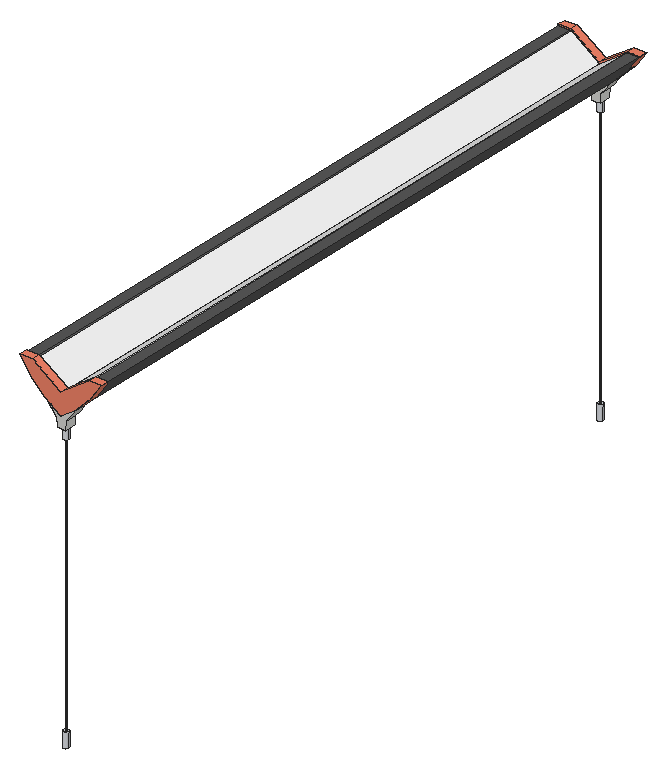
Revit family "TORR.5-P-DI", category Lighting Fixtures, host Face, Revit 2018
Family settings
  Host = Face
  Round Connector Dimension = Use Diameter
  Part Type = Normal
  Cut with Voids When Loaded = No
  Light Source = Yes
  Shared = Yes
  Room Calculation Point = Yes
Parameters (values of type "4' Direct/ Indirect")
  Wattage = 35.8824 W
  built-in parameter 1150110 = 1 (stored number, unit not read)
  Voltage = 0 V
  Type Comments = "LUX ILLUMINAIRE"
  built-in parameter 1114217 = 1 (stored number, unit not read)
  Tilt Angle = 90.00°
  built-in parameter 1150109 = 1 (stored number, unit not read)
  built-in parameter 1150134 = 12
  Switch Leg Visibility = no
  Switch Leg [instance] = ""
  Suspension Length [instance] = 2' - 0"
  built-in parameter 1150113 = 1 (stored number, unit not read)
  Photometric Web File = "TORR.5_P_DI_30-70_763_40K8.ies"
  Material - End Cap [instance] = LUX ILLUMINAIRE Orange
  Material - Cleat [instance] = LUX ILLUMINAIRE Silver
  Material - Body [instance] = LUX ILLUMINAIRE Black
  Manufacturer = ""
  built-in parameter 1150105 = 242.71 (stored number, unit not read)
  Lumens = 3050 lm
  built-in parameter 1150115 = 1 (stored number, unit not read)
  built-in parameter 1150137 = (empty or 0)
  built-in parameter 1150139 = (empty or 0)
  built-in parameter 1150112 = 1 (stored number, unit not read)
  built-in parameter 1150114 = 1 (stored number, unit not read)
  Lamp = "LED"
  built-in parameter 1150132 = 2
  built-in parameter 1150102 = (empty or 0)
  built-in parameter 1150107 = 4000 (stored number, unit not read)
  built-in parameter 1150138 = (empty or 0)
  Indirect Light Source = Fixture Length - 0' 4"  # 3' - 8"
  built-in parameter 1150106 = 2.4271 (stored number, unit not read)
  Fixture Width = 0' - 5 143/256"  # constant formula
  Fixture Symbol Visiblity = yes
  Fixture Length = 4' - 0"
  Emit from Rectangle Width = 0' - 2 1/2"  # constant formula
  Emit from Rectangle Length = Fixture Length  # 4' - 0"
  Emit Shape Visible in Rendering = no
  Emergency Lighting [instance] = no
  built-in parameter 1150104 = 7.8968 (stored number, unit not read)
  Dimming Lamp Color Temperature Shift = <None>
  Default Elevation = 4' - 0"
  Color Filter = 16777215
  built-in parameter 1140040 [instance] = 1
  built-in parameter 1114218 = 1 (stored number, unit not read)
  built-in parameter 1150133 = 10 (stored number, unit not read)
  Apparent Load = 27 VA
Types (3): name | Wattage | Type Comments | Manufacturer | built-in parameter 1150105 | Lumens | Indirect Light Source | built-in parameter 1150106 | Fixture Length | Emit from Rectangle Length | Apparent Load
  4' Direct/ Indirect | 35.8824 W | "LUX ILLUMINAIRE" | "" | 242.71 (stored number, unit not read) | 3050 lm | 3' - 8" | 2.4271 (stored number, unit not read) | 4' - 0" | 4' - 0" | 27 VA
  6' Direct/ Indirect | 53.8588 W | 0' - 0" | "LUX ILLUMINAIRE" | 364.31 (stored number, unit not read) | 4578 lm | 5' - 8" | 3.6431 (stored number, unit not read) | 6' - 0" | 6' - 0" | 40.5 VA
  8' Direct/ Indirect | 71.8118 W | 0' - 0" | "LUX ILLUMINAIRE" | 485.74 (stored number, unit not read) | 6104 lm | 7' - 8" | 4.8574 (stored number, unit not read) | 8' - 0" | 8' - 0" | 54 VA
Reference planes (in)
  plane 1 "Center (Front/Back)": y = 0
  plane 2: z = 0
  plane 3 "Center (Left/Right)": x = 0
  plane 4: x = 2.7793
  plane 5: x = -2.7793
  plane 6: y = 24
  plane 7: y = -24
  plane 8: z = 24
  plane 9: y = 24.25
  plane 10: y = -24.25
  plane 11: z = 1
  plane 12: z = 20.30782
  plane 13: z = 19.55782
Forms (in)
  Extrusion 1, solid
    sketch origin (0, 0.375, 0) x (1, 0, 0) y (0, 1, 0)
      loop
        circle (0.00029, -24) r 0.1875
    from 0 to 1
  Extrusion 2, solid
    sketch origin (0, 0.375, 0) x (1, 0, 0) y (0, 1, 0)
      loop
        circle (0.0005, -24) r 0.03125
    from 1 to 19.55782
  Extrusion 3, solid
    sketch origin (0, 0.375, 0) x (1, 0, 0) y (0, 1, 0)
      loop
        circle (0.0005, -24) r 0.18729
    from 19.55782 to 20.30782
  Extrusion 4, solid, not visible
    sketch origin (0, 0, 0) x (1, 0, 0) y (0, 1, 0)
      loop
        circle (0.00029, -24) r 0.1875
    from 0 to 1
  Extrusion 5, solid, not visible
    sketch origin (0, 0, 0) x (1, 0, 0) y (0, 1, 0)
      loop
        circle (0.0005, -24) r 0.03125
    from 1 to 13.33203
  Extrusion 6, solid, not visible
    sketch origin (0, 0, 0) x (1, 0, 0) y (0, 1, 0)
      loop
        circle (0.0005, -24) r 0.18729
    from 13.33203 to 14.08203
  Extrusion 7, solid
    sketch origin (0, -0.375, 0) x (1, 0, 0) y (0, 1, 0)
      loop
        circle (0.00029, 24) r 0.1875
    from 0 to 1
  Extrusion 8, solid
    sketch origin (0, -0.375, 0) x (1, 0, 0) y (0, 1, 0)
      loop
        circle (0.0005, 24) r 0.03125
    from 1 to 19.55782
  Extrusion 9, solid
    sketch origin (0, -0.375, 0) x (1, 0, 0) y (0, 1, 0)
      loop
        circle (0.0005, 24) r 0.18729
    from 19.55782 to 20.30782
Lines and regions (in)
  symbolic lines, visible <- "Fixture Symbol Visiblity"
    curve 1: line (-2.7793, 24, 0) -> (2.7793, 24, 0)
    curve 2: line (-2.7793, -24, 0) -> (-2.7793, 24, 0)
    curve 3: line (2.7793, -24, 0) -> (-2.7793, -24, 0)
    curve 4: line (2.7793, 24, 0) -> (2.7793, -24, 0)
Dimensions and locks (in)
  plane 5 to plane 4 = 0' - 5 143/256"
  equal spacing: plane 7, plane 1 "Center (Front/Back)", plane 6
  "Fixture Length": plane 7 to plane 6
  plane 8 to host face = 2' - 0"
  locked: plane 6 to plane 9 at 0.25
  locked: plane 10 to plane 7 at 0.25
  "Suspension Length": plane 8 to level
  "Fixture Width": plane 4 to plane 5
  equal spacing: plane 4, plane 3 "Center (Left/Right)", plane 5
  locked: nested 2 to plane 10 at 9.5
  locked: plane 8 to imposter light at 0.125
  plane 8 to plane 12 to plane 13 = 0' - 3.69218", 0' - 0 3/4" locked
  plane 6 to plane 1 "Center (Front/Back)" to plane 7 = 2' - 0", 2' - 0"
  plane 6 to plane 7 = 4' - 0"
  nested 1 to curve 1 = 4' - 0"
  locked: plane 12 to nested 4 at 0.75387
  aligned and locked: plane 2 to host face
  aligned and locked: level to host face
  aligned and locked: plane 12 to Extrusion 9
  aligned and locked: Extrusion 9 to plane 13
  aligned and locked: plane 13 to Extrusion 8
  aligned and locked: plane 12 to Extrusion 3
  aligned and locked: Extrusion 3 to plane 13
  aligned and locked: plane 13 to Extrusion 2
  aligned and locked: plane 7 to nested 1
  aligned and locked: plane 6 to curve 1
  aligned and locked: plane 5 to curve 2
  aligned and locked: curve 3 to plane 7
  aligned and locked: curve 4 to plane 4
  aligned and locked: nested 1 to plane 6
  aligned and locked: plane 12 to nested 3
Automatic sketch dimensions
  host sketch curve to host sketch curve = 8' - 0"  (x2)
  Extrusion 1 sketch curve to plane 7 = 0' - 0 3/8"
  plane 3 "Center (Left/Right)" to Extrusion 1 sketch curve = 0' - 0.00029"
  Extrusion 2 sketch curve to plane 7 = 0' - 0 3/8"
  plane 3 "Center (Left/Right)" to Extrusion 2 sketch curve = 0' - 0.0005"
  Extrusion 3 sketch curve to plane 7 = 0' - 0 3/8"
  plane 3 "Center (Left/Right)" to Extrusion 3 sketch curve = 0' - 0.0005"
  plane 6 to Extrusion 7 sketch curve = 0' - 0 3/8"
  plane 3 "Center (Left/Right)" to Extrusion 7 sketch curve = 0' - 0.00029"
  plane 6 to Extrusion 8 sketch curve = 0' - 0 3/8"
  plane 3 "Center (Left/Right)" to Extrusion 8 sketch curve = 0' - 0.0005"
  plane 6 to Extrusion 9 sketch curve = 0' - 0 3/8"
  plane 3 "Center (Left/Right)" to Extrusion 9 sketch curve = 0' - 0.0005"
  radius of Extrusion 1 sketch curve = 0' - 0 3/16"
  radius of Extrusion 2 sketch curve = 0' - 0 1/32"
  radius of Extrusion 3 sketch curve = 0' - 0.18729"
  radius of Extrusion 4 sketch curve = 0' - 0 3/16"
  radius of Extrusion 5 sketch curve = 0' - 0 1/32"
  radius of Extrusion 6 sketch curve = 0' - 0.18729"
  radius of Extrusion 7 sketch curve = 0' - 0 3/16"
  radius of Extrusion 8 sketch curve = 0' - 0 1/32"
  radius of Extrusion 9 sketch curve = 0' - 0.18729"
Nested families (in)
  nested 1: "Emergency Symbol Rectangle" at (-12.44426, 0, 0) x (0, 1, 0) z (0, 0, 1), visible <- "Emergency Lighting", type "Emergency Symbol Rectangle"
    with Width 1' - 2.94711", Length 4' - 0"
  nested 2: "Switch Leg Annotation" at (9.99627, -14.75, 0) x (0, 1, 0) z (0, 0, 1), visible <- "Switch Leg Visibility", Switch Leg Annotation <- "Switch Leg", type "Switch Leg Annotation"
    with Switch Leg Annotation ""
  nested 3: "4INDV" at (0, 0, 20.30782), Material - Body <- "Material - Body", Material - Cleat <- "Material - Cleat", Material - End Cap <- "Material - End Cap", type "4INDV"
    with Material - End Cap LUX ILLUMINAIRE Orange, Material - Cleat LUX ILLUMINAIRE Silver, Material - Body LUX ILLUMINAIRE Black
  nested 4: "Indirect Light Source 2" at (-8.60801, 0, -32.9383) x (0, 1, 0) z (0, 0, 1), type "Indirect Light Source 2"
Connectors (in)
  electrical at (0.00029, 23.625, 0), driven by "Apparent Load", driven by "Voltage"
    settings: on Extrusion 7, index 1, voltage 0 V, apparent load 0 VA, apparent load phase1 27 VA, apparent load phase2 0 VA, apparent load phase3 0 VA, power factor 1, load classification "Other", number of poles 1, system type 31, power factor state 1, is connector primary yes, connector utility no, sub classification motor no, connector description ""
Definition of nested family "4INDV"
  Parameters (values of type "4INDV")
    Material - End Cap [instance] = none
    Material - Cleat [instance] = none
    Material - Body [instance] = none
    Fixture Length = 4' - 0"
  Reference planes (in)
    plane 1 "Center (Front/Back)": y = 0
    plane 2: z = 0
    plane 3 "Center (Left/Right)": x = 0
    plane 4: y = 24
    plane 5: y = -24
    plane 6: y = 24.0625
    plane 7: y = 23.5
    plane 8: y = 23.25
    plane 9: y = -24.0625
    plane 10: y = -23.5
    plane 11: y = -23.25
  Forms (in)
    Extrusion 1, solid, material <- "Material - Body"
      sketch origin (0, 0, 3.69218) x (1, 0, 0) y (0, 0, -1)
        loop
          line (0, 1.48425) -> (2.0429, 0) -> (2.86012, 0)
          arc (2.86012, 0) -> (1.60326, 1.60326) -> (0, 2.86012) r 8.47154
          arc (0, 2.86012) -> (-1.60326, 1.60326) -> (-2.86012, 0) r 8.47154
          line (-2.86012, 0) -> (-2.0429, 0) -> (0, 1.48425)
      from -24 to 24
    Extrusion 2, solid, material <- "Material - Cleat"
      sketch origin (0, 0, 3.69218) x (1, 0, 0) y (0, 0, -1)
        loop
          line (0, 2.86012) -> (1.03453, 2.12987)
          arc (1.03453, 2.12987) -> (0.72969, 2.63295) -> (0.33544, 3.06953) r 3.1056
          line (0.33544, 3.06953) -> (0.3137, 3.69218) -> (0, 3.69218) -> (-0.3137, 3.69218) -> (-0.33544, 3.06953)
          arc (-0.33544, 3.06953) -> (-0.72969, 2.63295) -> (-1.03453, 2.12987) r 3.1056
          line (-1.03453, 2.12987) -> (0, 2.86012)
      from -24 to -23.25
    Extrusion 3, solid, material <- "Material - Cleat"
      sketch origin (0, 0, 3.69218) x (1, 0, 0) y (0, 0, -1)
        loop
          arc (-0.33544, 3.06953) -> (-0.72969, 2.63295) -> (-1.03453, 2.12987) r 3.1056
          line (-1.03453, 2.12987) -> (0, 2.86012) -> (1.03453, 2.12987)
          arc (1.03453, 2.12987) -> (0.72969, 2.63295) -> (0.33544, 3.06953) r 3.1056
          line (0.33544, 3.06953) -> (0.3137, 3.69218) -> (0, 3.69218) -> (-0.3137, 3.69218) -> (-0.33544, 3.06953)
      from 23.25 to 24
    Extrusion 4, solid, material <- "Material - End Cap"
      sketch origin (0, 0, 3.69218) x (1, 0, 0) y (0, 0, -1)
        loop
          line (2.02282, -0.0625) -> (2.90699, -0.0625)
          arc (2.90699, -0.0625) -> (1.64661, 1.58411) -> (0, 2.84449) r 7.87218
          arc (0, 2.84449) -> (-1.64661, 1.58411) -> (-2.90699, -0.0625) r 7.87218
          line (-2.90699, -0.0625) -> (-2.02282, -0.0625)
          arc (-2.02282, -0.0625) -> (-1.04666, 0.67197) -> (0, 1.30191) r 11.83569
          arc (0, 1.30191) -> (1.04666, 0.67197) -> (2.02282, -0.0625) r 11.83569
      from -24.0625 to -23.5
    Extrusion 5, solid, material <- "Material - End Cap"
      sketch origin (0, 0, 3.69218) x (1, 0, 0) y (0, 0, 1)
        loop
          arc (2.02282, 0.0625) -> (1.04666, -0.67197) -> (0, -1.30191) r 11.83569
          arc (0, -1.30191) -> (-1.04666, -0.67197) -> (-2.02282, 0.0625) r 11.83569
          line (-2.02282, 0.0625) -> (-2.90699, 0.0625)
          arc (-2.90699, 0.0625) -> (-1.64661, -1.58411) -> (0, -2.84449) r 7.87218
          arc (0, -2.84449) -> (1.64661, -1.58411) -> (2.90699, 0.0625) r 7.87218
          line (2.90699, 0.0625) -> (2.02282, 0.0625)
      from -24.0625 to -23.5
    Extrusion 6, solid
      sketch origin (0, 0, 0) x (1, 0, 0) y (0, 0, 1)
        loop
          line (-1.94739, 3.64129) -> (0, 2.26217) -> (1.94739, 3.64129) -> (1.94739, 3.67238) -> (0, 2.29326) -> (-1.94739, 3.67238) -> (-1.94739, 3.64129)
      from -23.5 to 23.5
  Dimensions and locks (in)
    equal spacing: plane 4, plane 1 "Center (Front/Back)", plane 5
    "Fixture Length": plane 4 to plane 5
    plane 6 to plane 4 to plane 7 = 0' - 0 1/16" locked, 0' - 0 1/2" locked
    locked: plane 4 to plane 8 at 0.75
    plane 10 to plane 5 to plane 9 = 0' - 0 1/2" locked, 0' - 0 1/16" locked
    locked: plane 11 to plane 5 at 0.75
    aligned and locked: level to plane 2
    aligned and locked: Extrusion 1 to plane 5
    aligned and locked: plane 4 to Extrusion 1
    aligned and locked: plane 6 to Extrusion 5
    aligned and locked: plane 7 to Extrusion 5
    aligned and locked: plane 4 to Extrusion 3
    aligned and locked: plane 8 to Extrusion 3
    aligned and locked: plane 9 to Extrusion 4
    aligned and locked: plane 10 to Extrusion 4
    aligned and locked: plane 11 to Extrusion 2
    aligned and locked: Extrusion 2 to plane 5
    aligned and locked: plane 7 to Extrusion 6
    aligned and locked: Extrusion 6 to plane 10
  Automatic sketch dimensions
    Extrusion 3 sketch curve to level = 0' - 0"
    Extrusion 3 sketch curve to plane 3 "Center (Left/Right)" = 0' - 0"  (x2)
    Extrusion 3 sketch curve to plane 3 "Center (Left/Right)" = 0' - 0.3137"
    Extrusion 3 sketch curve to plane 3 "Center (Left/Right)" = 0' - 0.33544"
    Extrusion 3 sketch curve to Extrusion 3 sketch curve = 0' - 0.3137"
    plane 3 "Center (Left/Right)" to Extrusion 3 sketch curve = 0' - 0.33544"
    level to Extrusion 3 sketch curve = 0' - 0.62265"
    Extrusion 4 sketch curve to plane 3 "Center (Left/Right)" = 0' - 0"  (x2)
    Extrusion 4 sketch curve to plane 3 "Center (Left/Right)" = 0' - 2.02282"
    Extrusion 4 sketch curve to Extrusion 4 sketch curve = 0' - 0.88417"  (x2)
    Extrusion 4 sketch curve to plane 3 "Center (Left/Right)" = 0' - 3.91986"
    Extrusion 4 sketch curve to Extrusion 4 sketch curve = 0' - 1.65191"  (x2)
    plane 3 "Center (Left/Right)" to Extrusion 4 sketch curve = 0' - 3.91986"
    level to Extrusion 4 sketch curve = 1' - 0.83243"
    Extrusion 4 sketch curve to Extrusion 4 sketch curve = 0' - 0"
    Extrusion 4 sketch curve to Extrusion 4 sketch curve = 0' - 5.1579"
    level to Extrusion 4 sketch curve = 0' - 3.75468"
    plane 3 "Center (Left/Right)" to Extrusion 4 sketch curve = 0' - 2.02282"
    Extrusion 5 sketch curve to plane 3 "Center (Left/Right)" = 0' - 0"  (x2)
    Extrusion 5 sketch curve to plane 3 "Center (Left/Right)" = 0' - 2.02282"
    Extrusion 5 sketch curve to Extrusion 5 sketch curve = 0' - 0.88417"  (x2)
    Extrusion 5 sketch curve to plane 3 "Center (Left/Right)" = 0' - 3.91986"
    Extrusion 5 sketch curve to Extrusion 5 sketch curve = 0' - 1.65191"  (x2)
    plane 3 "Center (Left/Right)" to Extrusion 5 sketch curve = 0' - 2.02282"
    plane 3 "Center (Left/Right)" to Extrusion 5 sketch curve = 0' - 3.91986"
    level to Extrusion 5 sketch curve = 0' - 3.75468"  (x2)
    Extrusion 5 sketch curve to Extrusion 5 sketch curve = 0' - 3.91986"
    Extrusion 5 sketch curve to Extrusion 5 sketch curve = 0' - 5.1579"
    Extrusion 1 sketch curve to plane 3 "Center (Left/Right)" = 0' - 0"  (x2)
    Extrusion 1 sketch curve to plane 3 "Center (Left/Right)" = 0' - 2.0429"
    Extrusion 1 sketch curve to Extrusion 1 sketch curve = 0' - 0.81722"  (x2)
    Extrusion 1 sketch curve to plane 3 "Center (Left/Right)" = 0' - 4.38702"
    plane 3 "Center (Left/Right)" to Extrusion 1 sketch curve = 0' - 2.0429"
    plane 3 "Center (Left/Right)" to Extrusion 1 sketch curve = 0' - 4.38702"
    level to Extrusion 1 sketch curve = 0' - 8.0792"  (x2)
    Extrusion 1 sketch curve to Extrusion 1 sketch curve = 0' - 1.37587"
    level to Extrusion 1 sketch curve = 0' - 3.69218"
    Extrusion 6 sketch curve to plane 3 "Center (Left/Right)" = 0' - 0"  (x2)
    Extrusion 6 sketch curve to plane 3 "Center (Left/Right)" = 0' - 1.94739"
    plane 3 "Center (Left/Right)" to Extrusion 6 sketch curve = 0' - 1.94739"
    level to Extrusion 6 sketch curve = 0' - 2.26217"
    Extrusion 6 sketch curve to Extrusion 6 sketch curve = 0' - 0.03109"  (x3)
    Extrusion 6 sketch curve to Extrusion 6 sketch curve = 0' - 1.34803"
    Extrusion 6 sketch curve to Extrusion 6 sketch curve = 0' - 1.37912"
    Extrusion 2 sketch curve to level = 0' - 0"
    Extrusion 2 sketch curve to plane 3 "Center (Left/Right)" = 0' - 0"  (x2)
    Extrusion 2 sketch curve to plane 3 "Center (Left/Right)" = 0' - 0.3137"
    Extrusion 2 sketch curve to plane 3 "Center (Left/Right)" = 0' - 0.33544"
    Extrusion 2 sketch curve to plane 3 "Center (Left/Right)" = 0' - 1.03453"
    Extrusion 2 sketch curve to Extrusion 2 sketch curve = 0' - 0.72744"  (x2)
    Extrusion 2 sketch curve to Extrusion 2 sketch curve = 0' - 0.3137"
    plane 3 "Center (Left/Right)" to Extrusion 2 sketch curve = 0' - 1.03453"
    level to Extrusion 2 sketch curve = 0' - 0.62265"
    Extrusion 2 sketch curve to Extrusion 2 sketch curve = 0' - 0.20941"
    Extrusion 2 sketch curve to Extrusion 2 sketch curve = 0' - 0.93966"  (x2)
    plane 3 "Center (Left/Right)" to Extrusion 2 sketch curve = 0' - 0.33544"
    Extrusion 2 sketch curve to Extrusion 2 sketch curve = 0' - 1.35067"
    Extrusion 3 sketch curve to plane 3 "Center (Left/Right)" = 0' - 1.03453"
    Extrusion 3 sketch curve to Extrusion 3 sketch curve = 0' - 0.93966"
    Extrusion 3 sketch curve to Extrusion 3 sketch curve = 0' - 0.72744"  (x2)
    Extrusion 3 sketch curve to Extrusion 3 sketch curve = 0' - 1.35067"
    Extrusion 3 sketch curve to Extrusion 3 sketch curve = 0' - 0.20941"
    plane 3 "Center (Left/Right)" to Extrusion 3 sketch curve = 0' - 1.03453"
    Extrusion 3 sketch curve to Extrusion 3 sketch curve = 0' - 0.73025"
Definition of nested family "Emergency Symbol Rectangle"
  Parameters (values of type "Emergency Symbol Rectangle")
    Width [instance] = 0' - 8 1/2"
    Length [instance] = 5' - 0"
    Emergency Visibility = no
  Reference planes (in)
    plane 1 "Center (Front/Back)": y = -7.75
    plane 2: z = 0
    plane 3 "Center (Left/Right)": x = -24
    plane 4: x = 24
    plane 5: x = -36
    plane 6: y = -3.5
    plane 7: y = -12
  Lines and regions (in)
    Filled region 1, type "Solid Fill - Black", in view "Ref. Level", detail levels coarse+medium
      outline origin (0, 0.25, 0) x (1, 0, 0) y (0, 1, 0)
        loop
          line (-36, -12.25) -> (24, -12.25) -> (-36, -10.125) -> (-36, -12.25)
  Dimensions and locks (in)
    equal spacing: plane 7, plane 1 "Center (Front/Back)", plane 6
    "Width": plane 7 to plane 6
    "Length": plane 5 to plane 4
    aligned and locked: plane 5 to Filled region 1
  Automatic sketch dimensions
    plane 1 "Center (Front/Back)" to Filled region 1 sketch curve = 0' - 2 1/8"
    Filled region 1 sketch curve to plane 3 "Center (Left/Right)" = 1' - 0"
    Filled region 1 sketch curve to plane 4 = 0' - 0"
    Filled region 1 sketch curve to plane 7 = 0' - 0"
Definition of nested family "Switch Leg Annotation"
  Parameters (values of type "Switch Leg Annotation")
    Switch Leg Annotation [instance] = ""
  Reference planes (in)
    plane 1: y = 0
    plane 2: x = 0
  Text (in)
    label "a" at (0.00527, 0.01239, 0), shows "Switch Leg Annotation"
Definition of nested family "Indirect Light Source 2"
  Parameters (values of type "Indirect Light Source 2")
    Wattage = 20 W
    built-in parameter 1150110 = 1 (stored number, unit not read)
    built-in parameter 1114217 = 1 (stored number, unit not read)
    built-in parameter 1150109 = 1 (stored number, unit not read)
    built-in parameter 1150134 = (empty or 0)
    built-in parameter 1150113 = 1 (stored number, unit not read)
    Lumens = 1700 lm
    built-in parameter 1150115 = 1 (stored number, unit not read)
    built-in parameter 1150105 = 541.13 (stored number, unit not read)
    Light Source Symbol Size = 2' - 0"
    built-in parameter 1150137 = (empty or 0)
    built-in parameter 1150139 = (empty or 0)
    built-in parameter 1150112 = 1 (stored number, unit not read)
    built-in parameter 1150114 = 1 (stored number, unit not read)
    built-in parameter 1150132 = (empty or 0)
    built-in parameter 1150102 = (empty or 0)
    built-in parameter 1150138 = (empty or 0)
    built-in parameter 1150107 = 3500 (stored number, unit not read)
    built-in parameter 1150106 = 5.4113 (stored number, unit not read)
    Emit from Rectangle Width = 0' - 2 115/128"
    Emit from Rectangle Length = 4' - 0"
    Emit Shape Visible in Rendering = yes
    built-in parameter 1150104 = 7.8968 (stored number, unit not read)
    Dimming Lamp Color Temperature Shift = (empty or 0)
    Color Filter = 16777215
    built-in parameter 1114218 = 1 (stored number, unit not read)
    built-in parameter 1150133 = 10 (stored number, unit not read)
  Reference planes (in)
    plane 1 "Light Source Axis (F/B)": y = -8.60801
    plane 2: z = 0
    plane 3 "Light Source Axis (L/R)": x = 0
    plane 4 "Light Source Elevation": z = 54
    plane 5: z = 0
  Lines and regions (in)
    model lines
      curve 1: line (-22, -8.60801, 54) -> (21, -8.60801, 54)
  Dimensions and locks (in)
    aligned and locked: plane 3 "Light Source Axis (L/R)" to imposter light
    aligned and locked: level to plane 5
